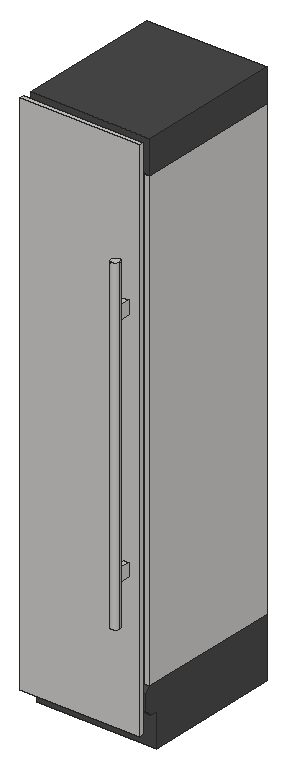
Revit family "fcbf38afd4274b3699f06dba384c82af", category Specialty Equipment, Revit 2021
Family settings
  Round Connector Dimension = Use Diameter
  Part Type = Normal
  OmniClass Number = 23.40.40.14
  OmniClass Title = Food Service Equipment
  Work Plane-Based = No
  Always vertical = Yes
  Cut with Voids When Loaded = No
  Shared = No
  Room Calculation Point = No
Parameters (values of type "18" LH")
  Width = 1' - 6"
  Wall Offset = 0' - 4"
  Voltage = 120 V
  URL = ""
  Type Comments = ""
  Show Label = yes
  RH = no
  Power Consumption = 1000 VA
  Model = ""
  Mechanical Finish = Appliance - Steel - Black
  Manufacturer = ""
  Label = "Freezer"
  LH = not(RH)  # yes
  Keynote = ""
  Gasket = Appliance - Gasket
  Height = 7' - 0"
  Handle Centerline = if(RH, 0' 2", (Width - 0' 2"))  # 1' - 4"
  Description = "Freezer"
  Depth = 2' - 0"
  Default Elevation = 0' - 0"
  Cost = 0
  Assembly Code = "E1090320"
  Appliance Finish = Appliance - Stainless Steel
  Amperage = Power Consumption / Voltage  # 8.33333 A
Reference planes (in)
  plane 1 "Back": y = 0
  plane 2: z = 0
  plane 3 "Center (Left/Right)": x = 0
  plane 4 "Left": x = -9
  plane 5 "Right": x = 9
  plane 6: y = -4
  plane 7 "Front": y = -28
  plane 8 "Door Back": y = -26
  plane 9 "Top": z = 84
  plane 10 "B.O. Door": z = 4
  plane 11: z = 79
  plane 12: x = 7
  plane 13: z = 68.5
  plane 14: z = 19
  plane 15 "Door Interior Bottom": z = 10
Forms (in)
  Extrusion 1, solid, material "Appliance - Stainless Steel" <- "Appliance Finish"
    sketch origin (0, 0, 0) x (1, 0, 0) y (0, 1, 0)
      loop
        line (-9, -4) -> (-9, -26) -> (9, -26) -> (9, -4) -> (-9, -4)
    from 10 to 79
  Extrusion 2, solid, material "Appliance - Stainless Steel" <- "Appliance Finish", detail levels fine
    sketch origin (0, -28, 0) x (-1, 0, 0) y (0, 0, 1)
      loop
        line (-6.625, 62.5) -> (-7.375, 62.5) -> (-7.375, 60.5) -> (-6.625, 60.5) -> (-6.625, 62.5)
      loop
        line (-6.625, 27) -> (-7.375, 27) -> (-7.375, 25) -> (-6.625, 25) -> (-6.625, 27)
    from -1.67554 to 0
  Extrusion 3, solid, material "Appliance - Stainless Steel" <- "Appliance Finish", detail levels fine
    sketch origin (0, 0, 0) x (1, 0, 0) y (0, 1, 0)
      loop
        circle (7, -30.01473) r 0.625
    from 19 to 68.5
  Extrusion 4, solid, material "Appliance - Stainless Steel" <- "Appliance Finish"
    sketch origin (0, -28, 0) x (-1, 0, 0) y (0, 0, 1)
      loop
        line (9, 84) -> (-9, 84) -> (-9, 4) -> (9, 4) -> (9, 84)
    from 0 to 0.75
  Extrusion 5, solid, material "Appliance - Steel - Black" <- "Mechanical Finish"
    sketch origin (0, 0, 0) x (0, 1, 0) y (0, 0, 1)
      loop
        line (-4, 10) -> (-26, 10) -> (-26.75, 9.25) -> (-26.75, 6.875) -> (-25.875, 6) -> (-24.75, 6) -> (-24.75, 1) -> (-4, 1) -> (-4, 10)
      loop
        line (-4, 84) -> (-26, 84) -> (-26, 79) -> (-4, 79) -> (-4, 84)
    from -9 to 9
  Extrusion 6, solid, material "Appliance - Gasket" <- "Gasket"
    sketch origin (0, 0, 10) x (-1, 0, 0) y (0, -1, 0)
      loop
        line (8.5, 27.25) -> (-8.5, 27.25) -> (-8.5, 27.0625)
        arc (-8.5, 27.0625) -> (-8.48169, 27.01831) -> (-8.4375, 27) r 0.0625
        line (-8.4375, 27) -> (-8.3125, 27)
        arc (-8.3125, 27) -> (-8.26831, 26.98169) -> (-8.25, 26.9375) r 0.0625
        line (-8.25, 26.9375) -> (-8.25, 26.3125)
        arc (-8.25, 26.3125) -> (-8.23169, 26.26831) -> (-8.1875, 26.25) r 0.0625
        line (-8.1875, 26.25) -> (-8, 26.25)
        arc (-8, 26.25) -> (-8.125, 26.125) -> (-8, 26) r 0.125
        line (-8, 26) -> (8, 26)
        arc (8, 26) -> (8.125, 26.125) -> (8, 26.25) r 0.125
        line (8, 26.25) -> (8.1875, 26.25)
        arc (8.1875, 26.25) -> (8.23169, 26.26831) -> (8.25, 26.3125) r 0.0625
        line (8.25, 26.3125) -> (8.25, 26.9375)
        arc (8.25, 26.9375) -> (8.26831, 26.98169) -> (8.3125, 27) r 0.0625
        line (8.3125, 27) -> (8.4375, 27)
        arc (8.4375, 27) -> (8.48169, 27.01831) -> (8.5, 27.0625) r 0.0625
        line (8.5, 27.0625) -> (8.5, 27.25)
    from 0 to 69
Cuts and joins
  joined: Extrusion 2, Extrusion 3
Lines and regions (in)
  Split face 1
    outline origin (-9, -4, 0) x (1, 0, 0) y (0, 0, -1)
      loop
        circle (9, -19) r 0.5
  Masking region 1
    outline origin (0, 0, 0) x (1, 0, 0) y (0, 1, 0)
      loop
        line (-9, -4) -> (-9, -28) -> (9, -28) -> (9, -4) -> (-9, -4)
  Masking region 2, detail levels fine
    outline origin (0, 0, 0) x (1, 0, 0) y (0, 1, 0)
      loop
        line (7.375, -29.51473) -> (7.375, -28) -> (6.625, -28) -> (6.625, -29.51473)
        arc (6.625, -29.51473) -> (6.44098, -29.73522) -> (6.375, -30.01473) r 0.625
        arc (6.375, -30.01473) -> (7, -30.63973) -> (7.625, -30.01473) r 0.625
        arc (7.625, -30.01473) -> (7.55902, -29.73522) -> (7.375, -29.51473) r 0.625
  Split face 2
    outline origin (-9, -4, 0) x (1, 0, 0) y (0, 0, -1)
      loop
        circle (9, -68.5) r 0.5
  symbolic lines, style "Appliances - Plan Swing", visible <- "LH", detail levels medium+fine
    curve 1: arc (9, -28, 0) -> (3.72792, -40.72792, 0) -> (-9, -46, 0) r 18
    curve 2: line (-9, -28, 0) -> (-9, -46, 0)
  symbolic lines, style "Appliances - Plan Swing", visible <- "RH", detail levels medium+fine
    curve 3: arc (-9, -28, 0) -> (-3.72792, -40.72792, 0) -> (9, -46, 0) r 18
    curve 4: line (9, -46, 0) -> (9, -28, 0)
  symbolic lines, style "Appliances"
    curve 5: line (-9, -4, 0) -> (9, -4, 0)
    curve 6: line (-9, -28, 0) -> (-9, -4, 0)
    curve 7: line (9, -28, 0) -> (-9, -28, 0)
    curve 8: line (9, -4, 0) -> (9, -28, 0)
    curve 9: line (-9, -26, 0) -> (9, -26, 0)
  symbolic lines, style "Appliances", detail levels fine
    curve 10: arc (7.625, -30.01473, 0) -> (7, -29.38973, 0) -> (6.375, -30.01473, 0) r 0.625
    curve 11: arc (6.375, -30.01473, 0) -> (7, -30.63973, 0) -> (7.625, -30.01473, 0) r 0.625
    curve 12: line (7.375, -29.51473, 0) -> (7.375, -28, 0)
    curve 13: line (6.625, -28, 0) -> (6.625, -29.51473, 0)
Dimensions and locks (in)
  equal spacing: plane 4 "Left", plane 3 "Center (Left/Right)", plane 5 "Right"
  "Width": plane 4 "Left" to plane 5 "Right"
  "Depth": plane 6 to plane 7 "Front"
  "Wall Offset": plane 1 "Back" to plane 6
  "Height": plane 9 "Top" to level
  plane 10 "B.O. Door" to level = 0' - 4"
  locked: plane 8 "Door Back" to plane 7 "Front" at 2
  plane 9 "Top" to plane 11 = 0' - 5"
  locked: plane 11 to plane 13 at 10.5
  locked: plane 14 to plane 10 "B.O. Door" at 15
  Extrusion 2 sketch curve to plane 12 to Extrusion 2 sketch curve = 0' - 0 3/8" locked, 0' - 0 3/8" locked  (x2)
  plane 13 to Extrusion 2 sketch curve to Extrusion 2 sketch curve = 0' - 6" locked, 0' - 2" locked
  Extrusion 2 sketch curve to Extrusion 2 sketch curve to plane 14 = 0' - 2" locked, 0' - 6" locked
  locked: plane 7 "Front" to Extrusion 3 sketch curve at 2.01473
  "Handle Centerline": plane 4 "Left" to plane 12
  equal spacing: plane 6, nested 1, plane 8 "Door Back"
  locked: plane 15 "Door Interior Bottom" to level at 10
  Extrusion 5 sketch curve to plane 10 "B.O. Door" to Extrusion 5 sketch curve = 0' - 2" locked, 0' - 3" locked
  Extrusion 5 sketch curve to plane 8 "Door Back" to Extrusion 5 sketch curve = 0' - 1 1/4" locked, 0' - 0 3/4" locked
  "Width": radius of curve 3
  "Width": radius of curve 1
  aligned and locked: plane 2 to level
  aligned and locked: Extrusion 1 sketch curve to plane 6
  aligned and locked: plane 4 "Left" to Extrusion 1 sketch curve
  aligned and locked: plane 8 "Door Back" to Extrusion 1 sketch curve
  aligned and locked: Extrusion 1 sketch curve to plane 5 "Right"
  aligned and locked: plane 7 "Front" to Extrusion 2
  aligned and locked: plane 12 to Extrusion 3 sketch curve
  aligned and locked: Extrusion 3 to plane 14
  aligned and locked: plane 13 to Extrusion 3
  aligned and locked: plane 3 "Center (Left/Right)" to Split face 1 sketch curve
  aligned and locked: plane 13 to cut or joined group of Extrusion 2, Extrusion 3
  aligned and locked: plane 4 "Left" to Extrusion 4 sketch curve
  aligned and locked: Extrusion 4 sketch curve to plane 5 "Right"
  aligned and locked: plane 10 "B.O. Door" to Extrusion 4 sketch curve
  aligned and locked: plane 3 "Center (Left/Right)" to nested 1
  aligned and locked: Masking region 1 sketch curve to plane 5 "Right"
  aligned and locked: Masking region 1 sketch curve to plane 6
  aligned and locked: plane 4 "Left" to Masking region 1 sketch curve
  aligned and locked: plane 7 "Front" to Masking region 1 sketch curve
  aligned and locked: Masking region 2 sketch curve to cut or joined group of Extrusion 2, Extrusion 3  (x5)
  aligned and locked: Masking region 2 sketch curve to plane 7 "Front"
  aligned and locked: Extrusion 4 sketch curve to plane 9 "Top"
  aligned and locked: plane 14 to Split face 1 sketch curve
  aligned and locked: Extrusion 1 to plane 15 "Door Interior Bottom"
  aligned and locked: plane 6 to Extrusion 5 sketch curve  (x2)
  aligned and locked: plane 15 "Door Interior Bottom" to Extrusion 5 sketch curve
  aligned and locked: plane 5 "Right" to Extrusion 5
  aligned and locked: Extrusion 5 to plane 4 "Left"
  aligned and locked: plane 11 to Extrusion 1
  aligned and locked: plane 9 "Top" to Extrusion 5 sketch curve
  aligned and locked: Extrusion 5 sketch curve to Extrusion 1  (x2)
  aligned and locked: plane 11 to Extrusion 6
Automatic sketch dimensions
  Extrusion 5 sketch curve to plane 8 "Door Back" = 0' - 0"
  plane 8 "Door Back" to Extrusion 5 sketch curve = 0' - 0 1/8"
  Extrusion 5 sketch curve to Extrusion 5 sketch curve = 0' - 0 7/8"
  Extrusion 5 sketch curve to plane 15 "Door Interior Bottom" = 0' - 0 3/4"
  Extrusion 6 sketch curve to plane 8 "Door Back" = 0' - 0"
  Extrusion 6 sketch curve to plane 5 "Right" = 0' - 0 1/2"
  Extrusion 6 sketch curve to Extrusion 6 sketch curve = 0' - 0 1/16"  (x6)
  Extrusion 6 sketch curve to Extrusion 6 sketch curve = 0' - 0 1/8"  (x2)
  Extrusion 6 sketch curve to plane 8 "Door Back" = 0' - 0 5/16"
  Extrusion 6 sketch curve to Extrusion 6 sketch curve = 0' - 0 3/16"  (x3)
  Extrusion 6 sketch curve to plane 8 "Door Back" = 0' - 0 1/8"
  plane 4 "Left" to Extrusion 6 sketch curve = 0' - 1"
  Extrusion 6 sketch curve to Extrusion 6 sketch curve = 0' - 0 5/8"  (x2)
  Split face 2 sketch curve to Extrusion 1 = 0' - 9"
  Split face 2 sketch curve to Extrusion 1 = 0' - 10 1/2"
  curve 1 to plane 4 "Left" = 0' - 0"
  curve 13 to plane 7 "Front" = 0' - 0"
  curve 11 to plane 12 = 0' - 0"
  curve 9 to plane 8 "Door Back" = 0' - 0"
  curve 5 to plane 6 = 0' - 0"
  curve 11 to plane 7 "Front" = 0' - 2.01473"
  curve 11 to curve 10 = 0' - 0 5/8"
  curve 13 to plane 12 = 0' - 0 3/8"
  plane 12 to curve 12 = 0' - 0 3/8"
  radius of Extrusion 3 sketch curve = 0' - 0 5/8"
  radius of Split face 1 sketch curve = 0' - 0 1/2"
  radius of Split face 2 sketch curve = 0' - 0 1/2"
Nested families (in)
  nested 1: "Label Annotation 3-32" at (0, -15, 0), visible <- "Show Label", type "Label Annotation 3-32"
Connectors (in)
  piping at (0, -4, 19), diameter 0.25
    settings: on Extrusion 1, index 2, connector inside diameter 24", connector length 0' - 0", flow factor 0, pipe flow 0 GPM, pressure drop 0.00 psi, fitting loss kfactor 0, connector angle 0.00°, fixture units 1, engagement length 0' - 0", angle of deflection 0.00°, flow configuration 3, flow direction 1, fitting loss method 0, system type 20, joint type 0, gender type 0, connector reference index -1, connector utility 0, adjustable connector no, is connector primary yes, connector description "Ice - Water Supply"
  electrical at (0, -4, 68.5), driven by "Voltage", driven by "Power Consumption"
    settings: on Extrusion 1, index 3, voltage 120 V, apparent load 1000 VA, apparent load phase1 0 VA, apparent load phase2 0 VA, apparent load phase3 0 VA, power factor 1, load classification "Appliance", number of poles 1, system type 30, power factor state 1, is connector primary yes, connector utility no, sub classification motor no, connector description "Refrigerator Power"
Definition of nested family "Label Annotation 3-32"
  Parameters
    Label = "Freezer 36 LH"
  Reference planes (in)
    plane 1: y = 0
    plane 2: x = 0
  Text (in)
    label "Label" at (0.00375, -0.00345, 0), shows "Label"
